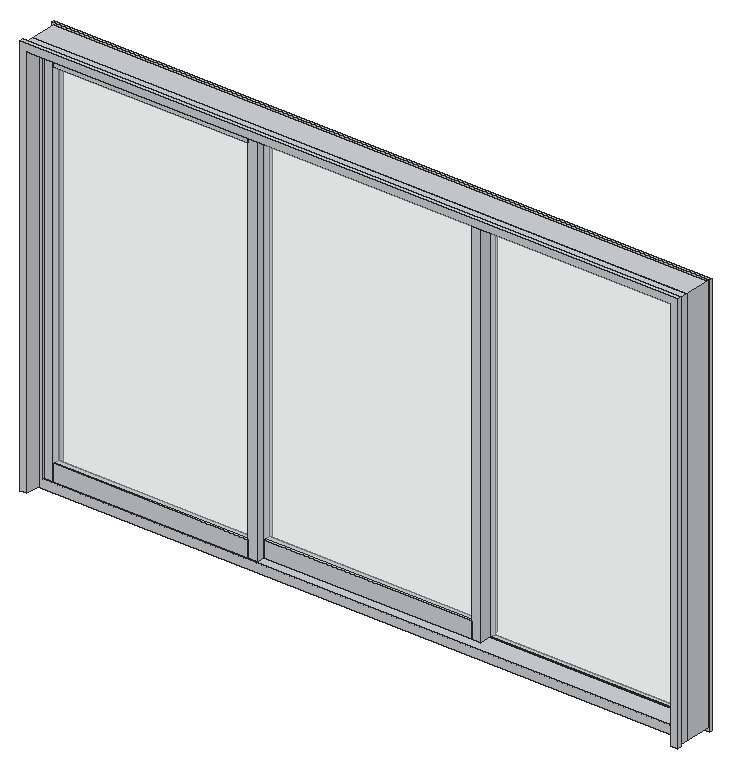
Revit family "APL Residential Thermal Heart Sliding Door SSF", category Doors, host Wall, Revit 2017 (continued)
Definition of nested family "APL Residential Thermal Heart Sliding Door SSF Horizontal Section"
  Definition of nested family "Jamb Multislider Stile"
    Definition of nested family "65410_Frame"
      Lines and regions (mm)
        model lines, in view "Ref. Level"
          curve 315: line (25.479, -7.979, 0) -> (26.284, -8.471, 0)
          curve 316: line (26.284, -8.471, 0) -> (27.5, -8.5, 0)
          curve 317: line (27.5, -8.5, 0) -> (27.5, -15.3, 0)
          curve 318: arc (27.5, -15.3, 0) -> (27.447, -15.435, 0) -> (27.317, -15.499, 0) r 0.2
          curve 319: arc (12.7, -21.8, 0) -> (12.817, -22.083, 0) -> (13.1, -22.2, 0) r 0.4
          curve 320: arc (13.393, -22.2, 0) -> (13.496, -22.186, 0) -> (13.593, -22.146, 0) r 0.4
          curve 321: arc (15.121, -21.262, 0) -> (15.411, -21.141, 0) -> (15.722, -21.1, 0) r 1.2
          curve 322: arc (16.645, -21.1, 0) -> (17.218, -20.919, 0) -> (17.584, -20.442, 0) r 1
          curve 323: arc (18.377, -18.263, 0) -> (18.524, -18.072, 0) -> (18.753, -18, 0) r 0.4
          curve 324: arc (21.447, -18, 0) -> (21.676, -18.072, 0) -> (21.823, -18.263, 0) r 0.4
          curve 325: arc (22.616, -20.442, 0) -> (22.982, -20.919, 0) -> (23.555, -21.1, 0) r 1
          curve 326: arc (24.478, -21.1, 0) -> (24.789, -21.141, 0) -> (25.079, -21.262, 0) r 1.2
          curve 327: arc (26.607, -22.146, 0) -> (26.704, -22.186, 0) -> (26.807, -22.2, 0) r 0.4
          curve 328: arc (27.1, -22.2, 0) -> (27.383, -22.083, 0) -> (27.5, -21.8, 0) r 0.4
          curve 329: arc (27.5, -18.4, 0) -> (27.383, -18.117, 0) -> (27.1, -18, 0) r 0.4
          curve 330: arc (26.807, -18, 0) -> (26.704, -18.014, 0) -> (26.607, -18.054, 0) r 0.4
          curve 331: arc (25.079, -18.939, 0) -> (24.785, -19.06, 0) -> (24.47, -19.1, 0) r 1.2
          curve 332: arc (24.47, -19.1, 0) -> (24.295, -19.047, 0) -> (24.184, -18.903, 0) r 0.3
          curve 333: arc (23.296, -16.463, 0) -> (23.149, -16.272, 0) -> (22.92, -16.2, 0) r 0.4
          curve 334: arc (17.28, -16.2, 0) -> (17.051, -16.272, 0) -> (16.904, -16.463, 0) r 0.4
          curve 335: arc (16.016, -18.903, 0) -> (15.905, -19.047, 0) -> (15.73, -19.1, 0) r 0.3
          curve 336: arc (15.73, -19.1, 0) -> (15.415, -19.06, 0) -> (15.121, -18.939, 0) r 1.2
          curve 337: arc (13.593, -18.054, 0) -> (13.496, -18.014, 0) -> (13.393, -18, 0) r 0.4
          curve 338: arc (13.1, -18, 0) -> (12.817, -18.117, 0) -> (12.7, -18.4, 0) r 0.4
          curve 339: line (13.1, -22.2, 0) -> (13.393, -22.2, 0)
          curve 340: line (13.593, -22.146, 0) -> (15.121, -21.262, 0)
          curve 341: line (15.722, -21.1, 0) -> (16.645, -21.1, 0)
          curve 342: line (17.584, -20.442, 0) -> (18.377, -18.263, 0)
          curve 343: line (18.753, -18, 0) -> (21.447, -18, 0)
          curve 344: line (21.823, -18.263, 0) -> (22.616, -20.442, 0)
          curve 345: line (23.555, -21.1, 0) -> (24.478, -21.1, 0)
          curve 346: line (25.079, -21.262, 0) -> (26.607, -22.146, 0)
          curve 347: line (26.807, -22.2, 0) -> (27.1, -22.2, 0)
          curve 348: line (27.5, -21.8, 0) -> (27.5, -18.4, 0)
          curve 349: line (27.1, -18, 0) -> (26.807, -18, 0)
          curve 350: line (26.607, -18.054, 0) -> (25.079, -18.939, 0)
          curve 351: line (24.184, -18.903, 0) -> (23.296, -16.463, 0)
          curve 352: line (22.92, -16.2, 0) -> (17.28, -16.2, 0)
          curve 353: line (16.904, -16.463, 0) -> (16.016, -18.903, 0)
          curve 354: line (15.121, -18.939, 0) -> (13.593, -18.054, 0)
          curve 355: line (13.393, -18, 0) -> (13.1, -18, 0)
          curve 356: line (12.7, -18.4, 0) -> (12.7, -21.8, 0)
          curve 357: arc (12.7, -5.6, 0) -> (12.817, -5.883, 0) -> (13.1, -6, 0) r 0.4
          curve 358: arc (13.393, -6, 0) -> (13.496, -5.986, 0) -> (13.593, -5.946, 0) r 0.4
          curve 359: arc (15.121, -5.062, 0) -> (15.411, -4.941, 0) -> (15.722, -4.9, 0) r 1.2
          curve 360: arc (16.645, -4.9, 0) -> (17.218, -4.719, 0) -> (17.584, -4.242, 0) r 1
          curve 361: arc (18.377, -2.063, 0) -> (18.524, -1.872, 0) -> (18.753, -1.8, 0) r 0.4
          curve 362: arc (21.447, -1.8, 0) -> (21.676, -1.872, 0) -> (21.823, -2.063, 0) r 0.4
          curve 363: arc (22.616, -4.242, 0) -> (22.982, -4.719, 0) -> (23.555, -4.9, 0) r 1
          curve 364: arc (24.478, -4.9, 0) -> (24.789, -4.941, 0) -> (25.079, -5.062, 0) r 1.2
          curve 365: arc (26.607, -5.946, 0) -> (26.704, -5.986, 0) -> (26.807, -6, 0) r 0.4
          curve 366: arc (27.1, -6, 0) -> (27.383, -5.883, 0) -> (27.5, -5.6, 0) r 0.4
          curve 367: arc (27.5, -2.2, 0) -> (27.383, -1.917, 0) -> (27.1, -1.8, 0) r 0.4
          curve 368: arc (26.807, -1.8, 0) -> (26.704, -1.814, 0) -> (26.607, -1.854, 0) r 0.4
          curve 369: arc (25.079, -2.739, 0) -> (24.785, -2.86, 0) -> (24.47, -2.9, 0) r 1.2
          curve 370: arc (24.47, -2.9, 0) -> (24.295, -2.847, 0) -> (24.184, -2.703, 0) r 0.3
          curve 371: arc (23.296, -0.263, 0) -> (23.149, -0.072, 0) -> (22.92, 0, 0) r 0.4
          curve 372: arc (17.28, 0, 0) -> (17.051, -0.072, 0) -> (16.904, -0.263, 0) r 0.4
          curve 373: arc (16.016, -2.703, 0) -> (15.905, -2.847, 0) -> (15.73, -2.9, 0) r 0.3
          curve 374: arc (15.73, -2.9, 0) -> (15.415, -2.86, 0) -> (15.121, -2.739, 0) r 1.2
          curve 375: arc (13.593, -1.854, 0) -> (13.496, -1.814, 0) -> (13.393, -1.8, 0) r 0.4
          curve 376: arc (13.1, -1.8, 0) -> (12.817, -1.917, 0) -> (12.7, -2.2, 0) r 0.4
          curve 377: line (13.1, -6, 0) -> (13.393, -6, 0)
          curve 378: line (13.593, -5.946, 0) -> (15.121, -5.062, 0)
          curve 379: line (15.722, -4.9, 0) -> (16.645, -4.9, 0)
          curve 380: line (17.584, -4.242, 0) -> (18.377, -2.063, 0)
          curve 381: line (18.753, -1.8, 0) -> (21.447, -1.8, 0)
          curve 382: line (21.823, -2.063, 0) -> (22.616, -4.242, 0)
          curve 383: line (23.555, -4.9, 0) -> (24.478, -4.9, 0)
          curve 384: line (25.079, -5.062, 0) -> (26.607, -5.946, 0)
          curve 385: line (26.807, -6, 0) -> (27.1, -6, 0)
          curve 386: line (27.5, -5.6, 0) -> (27.5, -2.2, 0)
          curve 387: line (27.1, -1.8, 0) -> (26.807, -1.8, 0)
          curve 388: line (26.607, -1.854, 0) -> (25.079, -2.739, 0)
          curve 389: line (24.184, -2.703, 0) -> (23.296, -0.263, 0)
          curve 390: line (22.92, 0, 0) -> (17.28, 0, 0)
          curve 391: line (16.904, -0.263, 0) -> (16.016, -2.703, 0)
          curve 392: line (15.121, -2.739, 0) -> (13.593, -1.854, 0)
          curve 393: line (13.393, -1.8, 0) -> (13.1, -1.8, 0)
          curve 394: line (12.7, -2.2, 0) -> (12.7, -5.6, 0)
          curve 395: arc (70.2, -13.6, 0) -> (70.317, -13.883, 0) -> (70.6, -14, 0) r 0.4
          curve 396: arc (70.893, -14, 0) -> (70.996, -13.986, 0) -> (71.093, -13.946, 0) r 0.4
          curve 397: arc (72.621, -13.061, 0) -> (72.911, -12.941, 0) -> (73.222, -12.9, 0) r 1.2
          curve 398: arc (74.145, -12.9, 0) -> (74.718, -12.719, 0) -> (75.084, -12.242, 0) r 1
          curve 399: arc (75.877, -10.063, 0) -> (76.024, -9.872, 0) -> (76.253, -9.8, 0) r 0.4
          curve 400: arc (78.947, -9.8, 0) -> (79.176, -9.872, 0) -> (79.323, -10.063, 0) r 0.4
          curve 401: arc (80.116, -12.242, 0) -> (80.482, -12.719, 0) -> (81.055, -12.9, 0) r 1
          curve 402: arc (81.978, -12.9, 0) -> (82.289, -12.941, 0) -> (82.579, -13.061, 0) r 1.2
          curve 403: arc (84.107, -13.946, 0) -> (84.204, -13.986, 0) -> (84.307, -14, 0) r 0.4
          curve 404: arc (84.6, -14, 0) -> (84.883, -13.883, 0) -> (85, -13.6, 0) r 0.4
          curve 405: arc (85, -10.2, 0) -> (84.883, -9.917, 0) -> (84.6, -9.8, 0) r 0.4
          curve 406: arc (84.307, -9.8, 0) -> (84.204, -9.814, 0) -> (84.107, -9.854, 0) r 0.4
          curve 407: arc (82.579, -10.739, 0) -> (82.285, -10.86, 0) -> (81.97, -10.9, 0) r 1.2
          curve 408: arc (81.97, -10.9, 0) -> (81.795, -10.847, 0) -> (81.684, -10.703, 0) r 0.3
          curve 409: arc (80.796, -8.263, 0) -> (80.649, -8.072, 0) -> (80.42, -8, 0) r 0.4
          curve 410: arc (74.78, -8, 0) -> (74.551, -8.072, 0) -> (74.404, -8.263, 0) r 0.4
          curve 411: arc (73.516, -10.703, 0) -> (73.405, -10.847, 0) -> (73.23, -10.9, 0) r 0.3
          curve 412: arc (73.23, -10.9, 0) -> (72.915, -10.86, 0) -> (72.621, -10.739, 0) r 1.2
          curve 413: arc (71.093, -9.854, 0) -> (70.996, -9.814, 0) -> (70.893, -9.8, 0) r 0.4
          curve 414: arc (70.6, -9.8, 0) -> (70.317, -9.917, 0) -> (70.2, -10.2, 0) r 0.4
          curve 415: line (70.6, -14, 0) -> (70.893, -14, 0)
          curve 416: line (71.093, -13.946, 0) -> (72.621, -13.061, 0)
          curve 417: line (73.222, -12.9, 0) -> (74.145, -12.9, 0)
          curve 418: line (75.084, -12.242, 0) -> (75.877, -10.063, 0)
          curve 419: line (76.253, -9.8, 0) -> (78.947, -9.8, 0)
          curve 420: line (79.323, -10.063, 0) -> (80.116, -12.242, 0)
          curve 421: line (81.055, -12.9, 0) -> (81.978, -12.9, 0)
          curve 422: line (82.579, -13.061, 0) -> (84.107, -13.946, 0)
          curve 423: line (84.307, -14, 0) -> (84.6, -14, 0)
          curve 424: line (85, -13.6, 0) -> (85, -10.2, 0)
          curve 425: line (84.6, -9.8, 0) -> (84.307, -9.8, 0)
          curve 426: line (84.107, -9.854, 0) -> (82.579, -10.739, 0)
          curve 427: line (81.684, -10.703, 0) -> (80.796, -8.263, 0)
          curve 428: line (80.42, -8, 0) -> (74.78, -8, 0)
          curve 429: line (74.404, -8.263, 0) -> (73.516, -10.703, 0)
          curve 430: line (72.621, -10.739, 0) -> (71.093, -9.854, 0)
          curve 431: line (70.893, -9.8, 0) -> (70.6, -9.8, 0)
          curve 432: line (70.2, -10.2, 0) -> (70.2, -13.6, 0)
          curve 433: arc (70.2, -18.4, 0) -> (70.317, -18.117, 0) -> (70.6, -18, 0) r 0.4
          curve 434: arc (70.893, -18, 0) -> (70.996, -18.014, 0) -> (71.093, -18.054, 0) r 0.4
          curve 435: arc (72.621, -18.939, 0) -> (72.911, -19.059, 0) -> (73.222, -19.1, 0) r 1.2
          curve 436: arc (74.145, -19.1, 0) -> (74.718, -19.281, 0) -> (75.084, -19.758, 0) r 1
          curve 437: arc (75.877, -21.937, 0) -> (76.024, -22.128, 0) -> (76.253, -22.2, 0) r 0.4
          curve 438: arc (78.947, -22.2, 0) -> (79.176, -22.128, 0) -> (79.323, -21.937, 0) r 0.4
          curve 439: arc (80.116, -19.758, 0) -> (80.482, -19.281, 0) -> (81.055, -19.1, 0) r 1
          curve 440: arc (81.978, -19.1, 0) -> (82.289, -19.059, 0) -> (82.579, -18.939, 0) r 1.2
          curve 441: arc (84.107, -18.054, 0) -> (84.204, -18.014, 0) -> (84.307, -18, 0) r 0.4
          curve 442: arc (84.6, -18, 0) -> (84.883, -18.117, 0) -> (85, -18.4, 0) r 0.4
          curve 443: arc (85, -21.8, 0) -> (84.883, -22.083, 0) -> (84.6, -22.2, 0) r 0.4
          curve 444: arc (84.307, -22.2, 0) -> (84.204, -22.186, 0) -> (84.107, -22.146, 0) r 0.4
          curve 445: arc (82.579, -21.262, 0) -> (82.285, -21.14, 0) -> (81.97, -21.1, 0) r 1.2
          curve 446: arc (81.97, -21.1, 0) -> (81.795, -21.153, 0) -> (81.684, -21.297, 0) r 0.3
          curve 447: arc (80.796, -23.737, 0) -> (80.649, -23.928, 0) -> (80.42, -24, 0) r 0.4
          curve 448: arc (74.78, -24, 0) -> (74.551, -23.928, 0) -> (74.404, -23.737, 0) r 0.4
          curve 449: arc (73.516, -21.297, 0) -> (73.405, -21.153, 0) -> (73.23, -21.1, 0) r 0.3
          curve 450: arc (73.23, -21.1, 0) -> (72.915, -21.14, 0) -> (72.621, -21.262, 0) r 1.2
          curve 451: arc (71.093, -22.146, 0) -> (70.996, -22.186, 0) -> (70.893, -22.2, 0) r 0.4
          curve 452: arc (70.6, -22.2, 0) -> (70.317, -22.083, 0) -> (70.2, -21.8, 0) r 0.4
          curve 453: line (70.6, -18, 0) -> (70.893, -18, 0)
          curve 454: line (71.093, -18.054, 0) -> (72.621, -18.939, 0)
          curve 455: line (73.222, -19.1, 0) -> (74.145, -19.1, 0)
          curve 456: line (75.084, -19.758, 0) -> (75.877, -21.937, 0)
          curve 457: line (76.253, -22.2, 0) -> (78.947, -22.2, 0)
          curve 458: line (79.323, -21.937, 0) -> (80.116, -19.758, 0)
          curve 459: line (81.055, -19.1, 0) -> (81.978, -19.1, 0)
          curve 460: line (82.579, -18.939, 0) -> (84.107, -18.054, 0)
          curve 461: line (84.307, -18, 0) -> (84.6, -18, 0)
          curve 462: line (85, -18.4, 0) -> (85, -21.8, 0)
          curve 463: line (84.6, -22.2, 0) -> (84.307, -22.2, 0)
          curve 464: line (84.107, -22.146, 0) -> (82.579, -21.262, 0)
          curve 465: line (81.684, -21.297, 0) -> (80.796, -23.737, 0)
          curve 466: line (80.42, -24, 0) -> (74.78, -24, 0)
          curve 467: line (74.404, -23.737, 0) -> (73.516, -21.297, 0)
          curve 468: line (72.621, -21.262, 0) -> (71.093, -22.146, 0)
          curve 469: line (70.893, -22.2, 0) -> (70.6, -22.2, 0)
          curve 470: line (70.2, -21.8, 0) -> (70.2, -18.4, 0)
          curve 471: arc (101.9, -10, 0) -> (102.042, -10.059, 0) -> (102.1, -10.2, 0) r 0.2
          curve 472: arc (102.1, -11.1, 0) -> (102.159, -11.241, 0) -> (102.3, -11.3, 0) r 0.2
          curve 473: arc (109.1, -11.3, 0) -> (109.454, -11.154, 0) -> (109.6, -10.8, 0) r 0.5
          curve 474: arc (109.6, -9.5, 0) -> (109.541, -9.359, 0) -> (109.4, -9.3, 0) r 0.2
          curve 475: arc (107.3, -9.3, 0) -> (107.159, -9.241, 0) -> (107.1, -9.1, 0) r 0.2
          curve 476: arc (107.1, -8.2, 0) -> (107.159, -8.059, 0) -> (107.3, -8, 0) r 0.2
          curve 477: arc (112.1, -8, 0) -> (112.454, -7.854, 0) -> (112.6, -7.5, 0) r 0.5
          curve 478: arc (112.6, 9.1, 0) -> (112.541, 9.241, 0) -> (112.4, 9.3, 0) r 0.2
          curve 479: arc (111.7, 9.3, 0) -> (111.559, 9.241, 0) -> (111.5, 9.1, 0) r 0.2
          curve 480: arc (111.5, 8.8, 0) -> (111, 8.3, 0) -> (110.5, 8.8, 0) r 0.5
          curve 481: arc (110.5, 11.35, 0) -> (111, 11.85, 0) -> (111.5, 11.35, 0) r 0.5
          curve 482: arc (111.5, 10.5, 0) -> (111.559, 10.359, 0) -> (111.7, 10.3, 0) r 0.2
          curve 483: arc (112.7, 10.3, 0) -> (112.841, 10.359, 0) -> (112.9, 10.5, 0) r 0.2
          curve 484: arc (112.9, 17.8, 0) -> (112.841, 17.941, 0) -> (112.7, 18, 0) r 0.2
          curve 485: arc (111.701, 18, 0) -> (111.559, 17.942, 0) -> (111.5, 17.8, 0) r 0.2
          curve 486: arc (111.5, 16.95, 0) -> (111, 16.45, 0) -> (110.5, 16.95, 0) r 0.5
          curve 487: arc (110.5, 18.5, 0) -> (110.646, 18.854, 0) -> (111, 19, 0) r 0.5
          curve 488: arc (116, 19, 0) -> (116.354, 18.854, 0) -> (116.5, 18.5, 0) r 0.5
          curve 489: arc (116.5, 16.95, 0) -> (116, 16.45, 0) -> (115.5, 16.95, 0) r 0.5
          curve 490: arc (115.5, 17.8, 0) -> (115.441, 17.941, 0) -> (115.3, 18, 0) r 0.2
          curve 491: arc (114.3, 18, 0) -> (114.159, 17.941, 0) -> (114.1, 17.8, 0) r 0.2
          curve 492: arc (114.1, 10.5, 0) -> (114.159, 10.359, 0) -> (114.3, 10.3, 0) r 0.2
          curve 493: arc (115.3, 10.3, 0) -> (115.441, 10.359, 0) -> (115.5, 10.5, 0) r 0.2
          curve 494: arc (115.5, 11.35, 0) -> (116, 11.85, 0) -> (116.5, 11.35, 0) r 0.5
          curve 495: arc (116.5, 8.8, 0) -> (116, 8.3, 0) -> (115.5, 8.8, 0) r 0.5
          curve 496: arc (115.5, 9.1, 0) -> (115.441, 9.241, 0) -> (115.3, 9.3, 0) r 0.2
          curve 497: arc (114.6, 9.3, 0) -> (114.459, 9.241, 0) -> (114.4, 9.1, 0) r 0.2
          curve 498: arc (114.4, -7.5, 0) -> (114.546, -7.854, 0) -> (114.9, -8, 0) r 0.5
          curve 499: arc (117.117, -8, 0) -> (117.422, -8.199, 0) -> (117.695, -7.957, 0) r 0.3
          curve 500: arc (117.695, -7.957, 0) -> (117.761, -7.819, 0) -> (117.887, -7.732, 0) r 0.3
          curve 501: arc (119.297, -7.218, 0) -> (119.583, -7.262, 0) -> (119.699, -7.526, 0) r 0.3
          curve 502: arc (119.492, -9.892, 0) -> (119.465, -9.992, 0) -> (119.405, -10.078, 0) r 0.3
          curve 503: arc (119.041, -10.441, 0) -> (118.848, -10.493, 0) -> (118.707, -10.352, 0) r 0.2
          curve 504: arc (118.662, -10.184, 0) -> (118.61, -10.095, 0) -> (118.521, -10.043, 0) r 0.2
          curve 505: arc (116.3, -9.5, 0) -> (116.02, -9.693, 0) -> (116.1, -10.024, 0) r 0.3
          curve 506: arc (116.1, -10.024, 0) -> (116.174, -10.125, 0) -> (116.2, -10.247, 0) r 0.3
          curve 507: arc (116.006, -14.25, 0) -> (116.042, -14.422, 0) -> (116.2, -14.5, 0) r 0.2
          curve 508: arc (116.721, -14.5, 0) -> (116.802, -14.489, 0) -> (116.877, -14.456, 0) r 0.3
          curve 509: arc (118.131, -13.691, 0) -> (118.128, -13.521, 0) -> (118.234, -13.389, 0) r 0.25
          curve 510: arc (118.32, -13.337, 0) -> (118.572, -13.332, 0) -> (118.7, -13.55, 0) r 0.25
          curve 511: arc (118.7, -15.126, 0) -> (118.618, -15.523, 0) -> (118.385, -15.854, 0) r 1
          curve 512: arc (118.385, -15.854, 0) -> (118.322, -16, 0) -> (118.385, -16.146, 0) r 0.2
          curve 513: arc (118.385, -16.146, 0) -> (118.618, -16.477, 0) -> (118.7, -16.874, 0) r 1
          curve 514: arc (118.7, -18.45, 0) -> (118.572, -18.668, 0) -> (118.32, -18.663, 0) r 0.25
          curve 515: arc (118.234, -18.611, 0) -> (118.128, -18.479, 0) -> (118.131, -18.309, 0) r 0.25
          curve 516: arc (116.877, -17.544, 0) -> (116.802, -17.511, 0) -> (116.721, -17.5, 0) r 0.3
          curve 517: arc (116.2, -17.5, 0) -> (116.042, -17.578, 0) -> (116.006, -17.75, 0) r 0.2
          curve 518: arc (116.2, -21.753, 0) -> (116.174, -21.875, 0) -> (116.1, -21.976, 0) r 0.3
          curve 519: arc (116.1, -21.976, 0) -> (116.02, -22.307, 0) -> (116.3, -22.5, 0) r 0.3
          curve 520: arc (118.521, -21.957, 0) -> (118.61, -21.905, 0) -> (118.662, -21.816, 0) r 0.2
          curve 521: arc (118.707, -21.648, 0) -> (118.848, -21.507, 0) -> (119.041, -21.559, 0) r 0.2
          curve 522: arc (119.405, -21.922, 0) -> (119.465, -22.008, 0) -> (119.492, -22.108, 0) r 0.3
          curve 523: arc (119.699, -24.474, 0) -> (119.583, -24.738, 0) -> (119.297, -24.782, 0) r 0.3
          curve 524: arc (117.887, -24.268, 0) -> (117.761, -24.181, 0) -> (117.695, -24.043, 0) r 0.3
          curve 525: arc (117.695, -24.043, 0) -> (117.422, -23.801, 0) -> (117.117, -24, 0) r 0.3
          curve 526: arc (114.8, -24, 0) -> (114.446, -23.854, 0) -> (114.3, -23.5, 0) r 0.5
          curve 527: arc (114.3, -19, 0) -> (114.241, -18.859, 0) -> (114.1, -18.8, 0) r 0.2
          curve 528: arc (105.3, -18.8, 0) -> (104.946, -18.654, 0) -> (104.8, -18.3, 0) r 0.5
          curve 529: arc (104.8, -17.8, 0) -> (104.946, -17.446, 0) -> (105.3, -17.3, 0) r 0.5
          curve 530: arc (106.727, -17.3, 0) -> (107.066, -17.167, 0) -> (107.226, -16.84, 0) r 0.5
          curve 531: arc (107.226, -16.84, 0) -> (107.712, -16.197, 0) -> (108.5, -16.366, 0) r 0.75
          curve 532: arc (108.5, -16.366, 0) -> (109.8, -16.9, 0) -> (111.1, -16.366, 0) r 1.85
          curve 533: arc (111.1, -16.366, 0) -> (111.242, -16.256, 0) -> (111.407, -16.183, 0) r 0.75
          curve 534: arc (111.407, -16.183, 0) -> (111.591, -16.08, 0) -> (111.716, -15.91, 0) r 0.5
          curve 535: arc (111.716, -15.91, 0) -> (111.9, -15.05, 0) -> (111.716, -14.19, 0) r 2.1
          curve 536: arc (111.716, -14.19, 0) -> (111.591, -14.02, 0) -> (111.407, -13.917, 0) r 0.5
          curve 537: arc (111.407, -13.917, 0) -> (111.242, -13.844, 0) -> (111.1, -13.734, 0) r 0.75
          curve 538: arc (111.1, -13.734, 0) -> (109.8, -13.2, 0) -> (108.5, -13.734, 0) r 1.85
          curve 539: arc (108.5, -13.734, 0) -> (107.831, -13.936, 0) -> (107.286, -13.5, 0) r 0.75
          curve 540: arc (107.286, -13.5, 0) -> (107.101, -13.282, 0) -> (106.827, -13.2, 0) r 0.5
          curve 541: arc (102.3, -13.2, 0) -> (101.25, -12.919, 0) -> (100.481, -12.15, 0) r 2.1
          curve 542: arc (100.481, -12.15, 0) -> (100.298, -11.967, 0) -> (100.048, -11.9, 0) r 0.5
          curve 543: arc (91.556, -11.9, 0) -> (91.287, -11.978, 0) -> (91.103, -12.188, 0) r 0.5
          curve 544: arc (91.103, -12.188, 0) -> (90.328, -13.071, 0) -> (89.2, -13.4, 0) r 2.1
          curve 545: arc (87.9, -13.4, 0) -> (87.193, -13.693, 0) -> (86.9, -14.4, 0) r 1
          curve 546: arc (86.9, -23.5, 0) -> (86.754, -23.854, 0) -> (86.4, -24, 0) r 0.5
          curve 547: arc (84.083, -24, 0) -> (83.778, -23.801, 0) -> (83.505, -24.043, 0) r 0.3
          curve 548: arc (83.505, -24.043, 0) -> (83.439, -24.181, 0) -> (83.313, -24.268, 0) r 0.3
          curve 549: arc (81.903, -24.782, 0) -> (81.617, -24.738, 0) -> (81.501, -24.474, 0) r 0.3
          curve 550: arc (81.708, -22.108, 0) -> (81.735, -22.008, 0) -> (81.795, -21.922, 0) r 0.3
          curve 551: arc (82.159, -21.559, 0) -> (82.352, -21.507, 0) -> (82.493, -21.648, 0) r 0.2
          curve 552: arc (82.538, -21.816, 0) -> (82.59, -21.905, 0) -> (82.679, -21.957, 0) r 0.2
          curve 553: arc (84.9, -22.5, 0) -> (85.18, -22.307, 0) -> (85.1, -21.976, 0) r 0.3
          curve 554: arc (85.1, -21.976, 0) -> (85.026, -21.875, 0) -> (85, -21.753, 0) r 0.3
          curve 555: arc (85.194, -17.75, 0) -> (85.158, -17.578, 0) -> (85, -17.5, 0) r 0.2
          curve 556: arc (84.479, -17.5, 0) -> (84.398, -17.511, 0) -> (84.323, -17.544, 0) r 0.3
          curve 557: arc (83.069, -18.309, 0) -> (83.072, -18.479, 0) -> (82.966, -18.611, 0) r 0.25
          curve 558: arc (82.88, -18.663, 0) -> (82.628, -18.668, 0) -> (82.5, -18.45, 0) r 0.25
          curve 559: arc (82.5, -16.874, 0) -> (82.582, -16.477, 0) -> (82.815, -16.146, 0) r 1
          curve 560: arc (82.815, -16.146, 0) -> (82.878, -16, 0) -> (82.815, -15.854, 0) r 0.2
          curve 561: arc (82.815, -15.854, 0) -> (82.582, -15.523, 0) -> (82.5, -15.126, 0) r 1
          curve 562: arc (82.5, -13.55, 0) -> (82.628, -13.332, 0) -> (82.88, -13.337, 0) r 0.25
          curve 563: arc (82.966, -13.389, 0) -> (83.072, -13.521, 0) -> (83.069, -13.691, 0) r 0.25
          curve 564: arc (84.323, -14.456, 0) -> (84.398, -14.489, 0) -> (84.479, -14.5, 0) r 0.3
          curve 565: arc (85, -14.5, 0) -> (85.158, -14.422, 0) -> (85.194, -14.25, 0) r 0.2
          curve 566: arc (85, -10.247, 0) -> (85.026, -10.125, 0) -> (85.1, -10.024, 0) r 0.3
          curve 567: arc (85.1, -10.024, 0) -> (85.18, -9.693, 0) -> (84.9, -9.5, 0) r 0.3
          curve 568: arc (82.679, -10.043, 0) -> (82.59, -10.095, 0) -> (82.538, -10.184, 0) r 0.2
          curve 569: arc (82.493, -10.352, 0) -> (82.352, -10.493, 0) -> (82.159, -10.441, 0) r 0.2
          curve 570: arc (81.795, -10.078, 0) -> (81.735, -9.992, 0) -> (81.708, -9.892, 0) r 0.3
          curve 571: arc (81.501, -7.526, 0) -> (81.617, -7.262, 0) -> (81.903, -7.218, 0) r 0.3
          curve 572: arc (83.313, -7.732, 0) -> (83.439, -7.819, 0) -> (83.505, -7.957, 0) r 0.3
          curve 573: arc (83.505, -7.957, 0) -> (83.778, -8.199, 0) -> (84.083, -8, 0) r 0.3
          curve 574: arc (86.7, -8, 0) -> (86.841, -8.059, 0) -> (86.9, -8.2, 0) r 0.2
          curve 575: arc (86.9, -11.3, 0) -> (86.959, -11.441, 0) -> (87.1, -11.5, 0) r 0.2
          curve 576: arc (89.2, -11.5, 0) -> (89.341, -11.441, 0) -> (89.4, -11.3, 0) r 0.2
          curve 577: arc (89.4, -10.2, 0) -> (89.459, -10.059, 0) -> (89.6, -10, 0) r 0.2
          curve 578: line (89.6, -10, 0) -> (95.4, -10, 0)
          curve 579: line (95.4, -10, 0) -> (95.8, -10.4, 0)
          curve 580: line (95.8, -10.4, 0) -> (96.2, -10, 0)
          curve 581: line (96.2, -10, 0) -> (101.9, -10, 0)
          curve 582: line (102.1, -10.2, 0) -> (102.1, -11.1, 0)
          curve 583: line (102.3, -11.3, 0) -> (109.1, -11.3, 0)
          curve 584: line (109.6, -10.8, 0) -> (109.6, -9.5, 0)
          curve 585: line (109.4, -9.3, 0) -> (107.3, -9.3, 0)
          curve 586: line (107.1, -9.1, 0) -> (107.1, -8.2, 0)
          curve 587: line (107.3, -8, 0) -> (112.1, -8, 0)
          curve 588: line (112.6, -7.5, 0) -> (112.6, 9.1, 0)
          curve 589: line (112.4, 9.3, 0) -> (111.7, 9.3, 0)
          curve 590: line (111.5, 9.1, 0) -> (111.5, 8.8, 0)
          curve 591: line (110.5, 8.8, 0) -> (110.5, 11.35, 0)
          curve 592: line (111.5, 11.35, 0) -> (111.5, 10.5, 0)
          curve 593: line (111.7, 10.3, 0) -> (112.7, 10.3, 0)
          curve 594: line (112.9, 10.5, 0) -> (112.9, 17.8, 0)
          curve 595: line (112.7, 18, 0) -> (111.701, 18, 0)
          curve 596: line (111.5, 17.8, 0) -> (111.5, 16.95, 0)
          curve 597: line (110.5, 16.95, 0) -> (110.5, 18.5, 0)
          curve 598: line (111, 19, 0) -> (116, 19, 0)
          curve 599: line (116.5, 18.5, 0) -> (116.5, 16.95, 0)
          curve 600: line (115.5, 16.95, 0) -> (115.5, 17.8, 0)
          curve 601: line (115.3, 18, 0) -> (114.3, 18, 0)
          curve 602: line (114.1, 17.8, 0) -> (114.1, 10.5, 0)
          curve 603: line (114.3, 10.3, 0) -> (115.3, 10.3, 0)
          curve 604: line (115.5, 10.5, 0) -> (115.5, 11.35, 0)
          curve 605: line (116.5, 11.35, 0) -> (116.5, 8.8, 0)
          curve 606: line (115.5, 8.8, 0) -> (115.5, 9.1, 0)
          curve 607: line (115.3, 9.3, 0) -> (114.6, 9.3, 0)
          curve 608: line (114.4, 9.1, 0) -> (114.4, -7.5, 0)
          curve 609: line (114.9, -8, 0) -> (117.117, -8, 0)
          curve 610: line (117.887, -7.732, 0) -> (119.297, -7.218, 0)
          curve 611: line (119.699, -7.526, 0) -> (119.492, -9.892, 0)
          curve 612: line (119.405, -10.078, 0) -> (119.041, -10.441, 0)
          curve 613: line (118.707, -10.352, 0) -> (118.662, -10.184, 0)
          curve 614: line (118.662, -10.184, 0) -> (116.532, -9.51, 0)
          curve 615: line (116.532, -9.51, 0) -> (116.3, -9.5, 0)
          curve 616: line (116.2, -10.247, 0) -> (116.2, -13.475, 0)
          curve 617: line (116.2, -13.475, 0) -> (116.006, -14.25, 0)
          curve 618: line (116.2, -14.5, 0) -> (116.721, -14.5, 0)
          curve 619: line (116.721, -14.5, 0) -> (118.131, -13.691, 0)
          curve 620: line (118.7, -13.55, 0) -> (118.7, -15.126, 0)
          curve 621: line (118.7, -16.874, 0) -> (118.7, -18.45, 0)
          curve 622: line (118.131, -18.309, 0) -> (116.877, -17.544, 0)
          curve 623: line (116.877, -17.544, 0) -> (116.2, -17.5, 0)
          curve 624: line (116.006, -17.75, 0) -> (116.194, -18.475, 0)
          curve 625: line (116.194, -18.475, 0) -> (116.2, -21.753, 0)
          curve 626: line (116.454, -22.5, 0) -> (118.521, -21.957, 0)
          curve 627: line (118.521, -21.957, 0) -> (118.707, -21.648, 0)
          curve 628: line (119.041, -21.559, 0) -> (119.405, -21.922, 0)
          curve 629: line (119.492, -22.108, 0) -> (119.699, -24.474, 0)
          curve 630: line (119.297, -24.782, 0) -> (117.887, -24.268, 0)
          curve 631: line (117.117, -24, 0) -> (114.8, -24, 0)
          curve 632: line (114.3, -23.5, 0) -> (114.3, -19, 0)
          curve 633: line (114.1, -18.8, 0) -> (105.3, -18.8, 0)
          curve 634: line (104.8, -18.3, 0) -> (104.8, -17.8, 0)
          curve 635: line (105.3, -17.3, 0) -> (106.727, -17.3, 0)
          curve 636: line (106.827, -13.2, 0) -> (102.3, -13.2, 0)
          curve 637: line (100.048, -11.9, 0) -> (91.556, -11.9, 0)
          curve 638: line (89.2, -13.4, 0) -> (87.9, -13.4, 0)
          curve 639: line (86.9, -14.4, 0) -> (86.9, -23.5, 0)
          curve 640: line (86.4, -24, 0) -> (84.083, -24, 0)
          curve 641: line (83.313, -24.268, 0) -> (81.903, -24.782, 0)
          curve 642: line (81.501, -24.474, 0) -> (81.708, -22.108, 0)
          curve 643: line (81.795, -21.922, 0) -> (82.159, -21.559, 0)
          curve 644: line (82.493, -21.648, 0) -> (82.538, -21.816, 0)
          curve 645: line (82.538, -21.816, 0) -> (84.668, -22.49, 0)
          curve 646: line (84.668, -22.49, 0) -> (84.9, -22.5, 0)
          curve 647: line (85, -21.753, 0) -> (85, -18.525, 0)
          curve 648: line (85, -18.525, 0) -> (85.194, -17.75, 0)
          curve 649: line (85, -17.5, 0) -> (84.479, -17.5, 0)
          curve 650: line (84.479, -17.5, 0) -> (83.069, -18.309, 0)
          curve 651: line (82.5, -18.45, 0) -> (82.5, -16.874, 0)
          curve 652: line (82.5, -15.126, 0) -> (82.5, -13.55, 0)
          curve 653: line (83.069, -13.691, 0) -> (84.323, -14.456, 0)
          curve 654: line (84.323, -14.456, 0) -> (85, -14.5, 0)
          curve 655: line (85.194, -14.25, 0) -> (85.006, -13.525, 0)
          curve 656: line (85.006, -13.525, 0) -> (85, -10.247, 0)
          curve 657: line (84.746, -9.5, 0) -> (82.679, -10.043, 0)
          curve 658: line (82.679, -10.043, 0) -> (82.493, -10.352, 0)
          curve 659: line (82.159, -10.441, 0) -> (81.795, -10.078, 0)
          curve 660: line (81.708, -9.892, 0) -> (81.501, -7.526, 0)
          curve 661: line (81.903, -7.218, 0) -> (83.313, -7.732, 0)
          curve 662: line (84.083, -8, 0) -> (86.7, -8, 0)
          curve 663: line (86.9, -8.2, 0) -> (86.9, -11.3, 0)
          curve 664: line (87.1, -11.5, 0) -> (89.2, -11.5, 0)
          curve 665: line (89.4, -11.3, 0) -> (89.4, -10.2, 0)
          curve 666: arc (159.4, 11.877, 0) -> (159.327, 11.95, 0) -> (159.3, 12.05, 0) r 0.2
          curve 667: arc (159.3, 16.25, 0) -> (159.327, 16.35, 0) -> (159.4, 16.423, 0) r 0.2
          curve 668: arc (159.4, 16.423, 0) -> (159.473, 16.496, 0) -> (159.5, 16.596, 0) r 0.2
          curve 669: arc (159.5, 17.8, 0) -> (159.441, 17.941, 0) -> (159.3, 18, 0) r 0.2
          curve 670: arc (157.701, 18, 0) -> (157.559, 17.942, 0) -> (157.5, 17.8, 0) r 0.2
          curve 671: arc (157.5, 16.95, 0) -> (157, 16.451, 0) -> (156.5, 16.95, 0) r 0.5
          curve 672: arc (156.5, 18.5, 0) -> (156.646, 18.854, 0) -> (157, 19, 0) r 0.499
          curve 673: arc (160.5, 19, 0) -> (160.847, 18.847, 0) -> (161, 18.5, 0) r 0.523
          curve 674: arc (161, -2.5, 0) -> (160.856, -2.856, 0) -> (160.5, -3, 0) r 0.493
          curve 675: arc (157.7, -3, 0) -> (157.558, -3.058, 0) -> (157.5, -3.2, 0) r 0.199
          curve 676: arc (157.5, -10.801, 0) -> (156.852, -12.441, 0) -> (155.258, -13.195, 0) r 2.399
          curve 677: arc (155.258, -13.195, 0) -> (154.878, -13.412, 0) -> (154.814, -13.844, 0) r 0.5
          curve 678: arc (154.814, -13.844, 0) -> (155, -15.047, 0) -> (154.816, -16.25, 0) r 4
          curve 679: arc (154.816, -16.25, 0) -> (154.89, -16.696, 0) -> (155.293, -16.9, 0) r 0.5
          curve 680: arc (155.5, -16.9, 0) -> (156.914, -17.486, 0) -> (157.5, -18.9, 0) r 2.001
          curve 681: arc (166.75, -22.5, 0) -> (167.501, -23.253, 0) -> (166.745, -24, 0) r 0.75
          curve 682: arc (157.5, -24, 0) -> (156.439, -23.561, 0) -> (156, -22.5, 0) r 1.5
          curve 683: arc (156, -19, 0) -> (155.941, -18.859, 0) -> (155.8, -18.8, 0) r 0.2
          curve 684: arc (146.5, -18.8, 0) -> (146.146, -18.654, 0) -> (146, -18.3, 0) r 0.5
          curve 685: arc (146, -17.8, 0) -> (146.146, -17.446, 0) -> (146.5, -17.3, 0) r 0.5
          curve 686: arc (147.927, -17.3, 0) -> (148.266, -17.167, 0) -> (148.426, -16.84, 0) r 0.5
          curve 687: arc (148.426, -16.84, 0) -> (148.912, -16.197, 0) -> (149.7, -16.366, 0) r 0.75
          curve 688: arc (149.7, -16.366, 0) -> (151, -16.9, 0) -> (152.3, -16.366, 0) r 1.85
          curve 689: arc (152.3, -16.366, 0) -> (152.442, -16.256, 0) -> (152.607, -16.183, 0) r 0.75
          curve 690: arc (152.607, -16.183, 0) -> (152.791, -16.08, 0) -> (152.916, -15.91, 0) r 0.5
          curve 691: arc (152.916, -15.91, 0) -> (153.1, -15.05, 0) -> (152.916, -14.19, 0) r 2.1
          curve 692: arc (152.916, -14.19, 0) -> (152.791, -14.02, 0) -> (152.607, -13.917, 0) r 0.5
          curve 693: arc (152.607, -13.917, 0) -> (152.442, -13.844, 0) -> (152.3, -13.734, 0) r 0.75
          curve 694: arc (152.3, -13.734, 0) -> (151, -13.2, 0) -> (149.7, -13.734, 0) r 1.85
          curve 695: arc (149.7, -13.734, 0) -> (149.027, -13.936, 0) -> (148.482, -13.491, 0) r 0.75
          curve 696: arc (148.482, -13.491, 0) -> (148.32, -13.284, 0) -> (148.075, -13.188, 0) r 0.5
          curve 697: arc (148.075, -13.188, 0) -> (147.154, -12.86, 0) -> (146.481, -12.15, 0) r 2.1
          curve 698: arc (146.481, -12.15, 0) -> (146.298, -11.967, 0) -> (146.048, -11.9, 0) r 0.5
          curve 699: arc (137.556, -11.9, 0) -> (137.287, -11.978, 0) -> (137.103, -12.188, 0) r 0.5
          curve 700: arc (137.103, -12.188, 0) -> (136.328, -13.071, 0) -> (135.2, -13.4, 0) r 2.1
          curve 701: arc (133.9, -13.4, 0) -> (133.193, -13.693, 0) -> (132.9, -14.4, 0) r 1
          curve 702: arc (132.9, -23.5, 0) -> (132.754, -23.854, 0) -> (132.4, -24, 0) r 0.5
          curve 703: arc (130.083, -24, 0) -> (129.778, -23.801, 0) -> (129.505, -24.043, 0) r 0.3
          curve 704: arc (129.505, -24.043, 0) -> (129.439, -24.181, 0) -> (129.313, -24.268, 0) r 0.3
          curve 705: arc (127.903, -24.782, 0) -> (127.617, -24.738, 0) -> (127.501, -24.474, 0) r 0.3
          curve 706: arc (127.708, -22.108, 0) -> (127.735, -22.008, 0) -> (127.795, -21.922, 0) r 0.3
          curve 707: arc (128.159, -21.559, 0) -> (128.352, -21.507, 0) -> (128.493, -21.648, 0) r 0.2
          curve 708: arc (128.538, -21.816, 0) -> (128.59, -21.905, 0) -> (128.679, -21.957, 0) r 0.2
          curve 709: arc (130.9, -22.5, 0) -> (131.18, -22.307, 0) -> (131.1, -21.976, 0) r 0.3
          curve 710: arc (131.1, -21.976, 0) -> (131.026, -21.875, 0) -> (131, -21.753, 0) r 0.3
          curve 711: arc (131.194, -17.75, 0) -> (131.158, -17.578, 0) -> (131, -17.5, 0) r 0.2
          curve 712: arc (130.479, -17.5, 0) -> (130.398, -17.511, 0) -> (130.323, -17.544, 0) r 0.3
          curve 713: arc (129.069, -18.309, 0) -> (129.072, -18.479, 0) -> (128.966, -18.611, 0) r 0.25
          curve 714: arc (128.88, -18.663, 0) -> (128.628, -18.668, 0) -> (128.5, -18.45, 0) r 0.25
          curve 715: arc (128.5, -16.874, 0) -> (128.582, -16.477, 0) -> (128.815, -16.146, 0) r 1
          curve 716: arc (128.815, -16.146, 0) -> (128.878, -16, 0) -> (128.815, -15.854, 0) r 0.2
          curve 717: arc (128.815, -15.854, 0) -> (128.582, -15.523, 0) -> (128.5, -15.126, 0) r 1
          curve 718: arc (128.5, -13.55, 0) -> (128.628, -13.332, 0) -> (128.88, -13.337, 0) r 0.25
          curve 719: arc (128.966, -13.389, 0) -> (129.072, -13.521, 0) -> (129.069, -13.691, 0) r 0.25
          curve 720: arc (130.323, -14.456, 0) -> (130.398, -14.489, 0) -> (130.479, -14.5, 0) r 0.3
          curve 721: arc (131, -14.5, 0) -> (131.158, -14.422, 0) -> (131.194, -14.25, 0) r 0.2
          curve 722: arc (131, -10.247, 0) -> (131.026, -10.125, 0) -> (131.1, -10.024, 0) r 0.3
          curve 723: arc (131.1, -10.024, 0) -> (131.18, -9.693, 0) -> (130.9, -9.5, 0) r 0.3
          curve 724: arc (128.679, -10.043, 0) -> (128.59, -10.095, 0) -> (128.538, -10.184, 0) r 0.2
          curve 725: arc (128.493, -10.352, 0) -> (128.352, -10.493, 0) -> (128.159, -10.441, 0) r 0.2
          curve 726: arc (127.795, -10.078, 0) -> (127.735, -9.992, 0) -> (127.708, -9.892, 0) r 0.3
          curve 727: arc (127.501, -7.526, 0) -> (127.617, -7.262, 0) -> (127.903, -7.218, 0) r 0.3
          curve 728: arc (129.313, -7.732, 0) -> (129.439, -7.819, 0) -> (129.505, -7.957, 0) r 0.3
          curve 729: arc (129.505, -7.957, 0) -> (129.778, -8.199, 0) -> (130.083, -8, 0) r 0.3
          curve 730: arc (132.7, -8, 0) -> (132.841, -8.059, 0) -> (132.9, -8.2, 0) r 0.2
          curve 731: arc (132.9, -11.3, 0) -> (132.959, -11.441, 0) -> (133.1, -11.5, 0) r 0.2
          curve 732: arc (135.2, -11.5, 0) -> (135.341, -11.441, 0) -> (135.4, -11.3, 0) r 0.2
          curve 733: arc (135.4, -10.2, 0) -> (135.459, -10.059, 0) -> (135.6, -10, 0) r 0.2
          curve 734: arc (147.9, -10, 0) -> (148.042, -10.059, 0) -> (148.1, -10.2, 0) r 0.2
          curve 735: arc (148.1, -11.1, 0) -> (148.159, -11.241, 0) -> (148.3, -11.3, 0) r 0.2
          curve 736: arc (155.1, -11.3, 0) -> (155.454, -11.154, 0) -> (155.6, -10.8, 0) r 0.5
          curve 737: arc (155.6, -9.5, 0) -> (155.541, -9.359, 0) -> (155.4, -9.3, 0) r 0.2
          curve 738: arc (153.3, -9.3, 0) -> (153.159, -9.241, 0) -> (153.1, -9.1, 0) r 0.2
          curve 739: arc (153.1, -8.2, 0) -> (153.159, -8.059, 0) -> (153.3, -8, 0) r 0.2
          curve 740: arc (155.5, -8, 0) -> (155.854, -7.854, 0) -> (156, -7.5, 0) r 0.5
          curve 741: arc (156, -1.2, 0) -> (156.146, -0.846, 0) -> (156.5, -0.7, 0) r 0.5
          curve 742: arc (157.3, -0.7, 0) -> (157.441, -0.759, 0) -> (157.5, -0.9, 0) r 0.2
          curve 743: arc (159.3, -1.7, 0) -> (159.441, -1.641, 0) -> (159.5, -1.5, 0) r 0.2
          curve 744: arc (159.5, 3.4, 0) -> (159.1, 3.8, 0) -> (159.5, 4.2, 0) r 0.4
          curve 745: arc (159.5, 9.1, 0) -> (159.441, 9.241, 0) -> (159.3, 9.3, 0) r 0.2
          curve 746: arc (157.5, 8.7, 0) -> (157.383, 8.417, 0) -> (157.1, 8.3, 0) r 0.4
          curve 747: arc (157, 8.3, 0) -> (156.646, 8.447, 0) -> (156.5, 8.8, 0) r 0.5
          curve 748: arc (156.5, 11.35, 0) -> (157, 11.85, 0) -> (157.5, 11.35, 0) r 0.5
          curve 749: arc (157.5, 10.5, 0) -> (157.559, 10.359, 0) -> (157.7, 10.3, 0) r 0.2
          curve 750: arc (159.3, 10.3, 0) -> (159.441, 10.359, 0) -> (159.5, 10.5, 0) r 0.2
          curve 751: line (159.3, 12.05, 0) -> (159.3, 16.25, 0)
          curve 752: line (159.5, 16.596, 0) -> (159.5, 17.8, 0)
          curve 753: line (159.3, 18, 0) -> (157.701, 18, 0)
          curve 754: line (157.5, 17.8, 0) -> (157.5, 16.95, 0)
          curve 755: line (156.5, 16.95, 0) -> (156.5, 18.5, 0)
          curve 756: line (157, 19, 0) -> (160.5, 19, 0)
          curve 757: line (161, 18.5, 0) -> (161, -2.5, 0)
          curve 758: line (160.5, -3, 0) -> (157.7, -3, 0)
          curve 759: line (157.5, -3.2, 0) -> (157.5, -10.801, 0)
          curve 760: line (155.293, -16.9, 0) -> (155.5, -16.9, 0)
          curve 761: line (157.5, -18.9, 0) -> (157.5, -22.5, 0)
          curve 762: line (157.5, -22.5, 0) -> (166.75, -22.5, 0)
          curve 763: line (166.745, -24, 0) -> (165, -24, 0)
          curve 764: line (165, -24, 0) -> (164.6, -23.6, 0)
          curve 765: line (164.6, -23.6, 0) -> (158.3, -23.6, 0)
          curve 766: line (158.3, -23.6, 0) -> (157.9, -24, 0)
          curve 767: line (157.9, -24, 0) -> (157.5, -24, 0)
          curve 768: line (156, -22.5, 0) -> (156, -19, 0)
          curve 769: line (155.8, -18.8, 0) -> (146.5, -18.8, 0)
          curve 770: line (146, -18.3, 0) -> (146, -17.8, 0)
          curve 771: line (146.5, -17.3, 0) -> (147.927, -17.3, 0)
          curve 772: line (146.048, -11.9, 0) -> (137.556, -11.9, 0)
          curve 773: line (135.2, -13.4, 0) -> (133.9, -13.4, 0)
          curve 774: line (132.9, -14.4, 0) -> (132.9, -23.5, 0)
          curve 775: line (132.4, -24, 0) -> (130.083, -24, 0)
          curve 776: line (129.313, -24.268, 0) -> (127.903, -24.782, 0)
          curve 777: line (127.501, -24.474, 0) -> (127.708, -22.108, 0)
          curve 778: line (127.795, -21.922, 0) -> (128.159, -21.559, 0)
          curve 779: line (128.493, -21.648, 0) -> (128.538, -21.816, 0)
          curve 780: line (128.538, -21.816, 0) -> (130.668, -22.49, 0)
          curve 781: line (130.668, -22.49, 0) -> (130.9, -22.5, 0)
          curve 782: line (131, -21.753, 0) -> (131, -18.525, 0)
          curve 783: line (131, -18.525, 0) -> (131.194, -17.75, 0)
          curve 784: line (131, -17.5, 0) -> (130.479, -17.5, 0)
          curve 785: line (130.479, -17.5, 0) -> (129.069, -18.309, 0)
          curve 786: line (128.5, -18.45, 0) -> (128.5, -16.874, 0)
          curve 787: line (128.5, -15.126, 0) -> (128.5, -13.55, 0)
          curve 788: line (129.069, -13.691, 0) -> (130.323, -14.456, 0)
          curve 789: line (130.323, -14.456, 0) -> (131, -14.5, 0)
          curve 790: line (131.194, -14.25, 0) -> (131, -13.5, 0)
          curve 791: line (131.006, -13.525, 0) -> (131, -10.247, 0)
          curve 792: line (130.746, -9.5, 0) -> (128.679, -10.043, 0)
          curve 793: line (128.679, -10.043, 0) -> (128.493, -10.352, 0)
          curve 794: line (128.159, -10.441, 0) -> (127.795, -10.078, 0)
          curve 795: line (127.708, -9.892, 0) -> (127.501, -7.526, 0)
          curve 796: line (127.903, -7.218, 0) -> (129.313, -7.732, 0)
          curve 797: line (130.083, -8, 0) -> (132.7, -8, 0)
          curve 798: line (132.9, -8.2, 0) -> (132.9, -11.3, 0)
          curve 799: line (133.1, -11.5, 0) -> (135.2, -11.5, 0)
          curve 800: line (135.4, -11.3, 0) -> (135.4, -10.2, 0)
          curve 801: line (135.6, -10, 0) -> (141.4, -10, 0)
          curve 802: line (141.4, -10, 0) -> (141.8, -10.4, 0)
          curve 803: line (141.8, -10.4, 0) -> (142.2, -10, 0)
          curve 804: line (142.2, -10, 0) -> (147.9, -10, 0)
          curve 805: line (148.1, -10.2, 0) -> (148.1, -11.1, 0)
          curve 806: line (148.3, -11.3, 0) -> (155.1, -11.3, 0)
          curve 807: line (155.6, -10.8, 0) -> (155.6, -9.5, 0)
          curve 808: line (155.4, -9.3, 0) -> (153.3, -9.3, 0)
          curve 809: line (153.1, -9.1, 0) -> (153.1, -8.2, 0)
          curve 810: line (153.3, -8, 0) -> (155.5, -8, 0)
          curve 811: line (156, -7.5, 0) -> (156, -1.2, 0)
          curve 812: line (156.5, -0.7, 0) -> (157.3, -0.7, 0)
          curve 813: line (157.5, -0.9, 0) -> (157.5, -1.7, 0)
          curve 814: line (157.5, -1.7, 0) -> (159.3, -1.7, 0)
          curve 815: line (159.5, -1.5, 0) -> (159.5, 3.4, 0)
          curve 816: line (159.5, 4.2, 0) -> (159.5, 9.1, 0)
          curve 817: line (159.3, 9.3, 0) -> (157.5, 9.3, 0)
          curve 818: line (157.5, 9.3, 0) -> (157.5, 8.7, 0)
          curve 819: line (156.5, 8.8, 0) -> (156.5, 11.35, 0)
          curve 820: line (157.5, 11.35, 0) -> (157.5, 10.5, 0)
          curve 821: line (157.7, 10.3, 0) -> (159.3, 10.3, 0)
          curve 822: line (159.5, 10.5, 0) -> (159.5, 11.704, 0)
          curve 823: arc (159.5, 11.704, 0) -> (159.473, 11.804, 0) -> (159.4, 11.877, 0) r 0.2
          curve 824: arc (116.2, -13.6, 0) -> (116.317, -13.883, 0) -> (116.6, -14, 0) r 0.4
          curve 825: arc (116.893, -14, 0) -> (116.996, -13.986, 0) -> (117.093, -13.946, 0) r 0.4
          curve 826: arc (118.621, -13.061, 0) -> (118.911, -12.941, 0) -> (119.222, -12.9, 0) r 1.2
          curve 827: arc (120.145, -12.9, 0) -> (120.718, -12.719, 0) -> (121.084, -12.242, 0) r 1
          curve 828: arc (121.877, -10.063, 0) -> (122.024, -9.872, 0) -> (122.253, -9.8, 0) r 0.4
          curve 829: arc (124.947, -9.8, 0) -> (125.176, -9.872, 0) -> (125.323, -10.063, 0) r 0.4
          curve 830: arc (126.116, -12.242, 0) -> (126.482, -12.719, 0) -> (127.055, -12.9, 0) r 1
          curve 831: arc (127.978, -12.9, 0) -> (128.289, -12.941, 0) -> (128.579, -13.061, 0) r 1.2
          curve 832: arc (130.107, -13.946, 0) -> (130.204, -13.986, 0) -> (130.307, -14, 0) r 0.4
          curve 833: arc (130.6, -14, 0) -> (130.883, -13.883, 0) -> (131, -13.6, 0) r 0.4
          curve 834: arc (131, -10.2, 0) -> (130.883, -9.917, 0) -> (130.6, -9.8, 0) r 0.4
          curve 835: arc (130.307, -9.8, 0) -> (130.204, -9.814, 0) -> (130.107, -9.854, 0) r 0.4
          curve 836: arc (128.579, -10.739, 0) -> (128.285, -10.86, 0) -> (127.97, -10.9, 0) r 1.2
          curve 837: arc (127.97, -10.9, 0) -> (127.795, -10.847, 0) -> (127.684, -10.703, 0) r 0.3
          curve 838: arc (126.796, -8.263, 0) -> (126.649, -8.072, 0) -> (126.42, -8, 0) r 0.4
          curve 839: arc (120.78, -8, 0) -> (120.551, -8.072, 0) -> (120.404, -8.263, 0) r 0.4
          curve 840: arc (119.516, -10.703, 0) -> (119.405, -10.847, 0) -> (119.23, -10.9, 0) r 0.3
          curve 841: arc (119.23, -10.9, 0) -> (118.915, -10.86, 0) -> (118.621, -10.739, 0) r 1.2
          curve 842: arc (117.093, -9.854, 0) -> (116.996, -9.814, 0) -> (116.893, -9.8, 0) r 0.4
          curve 843: arc (116.6, -9.8, 0) -> (116.317, -9.917, 0) -> (116.2, -10.2, 0) r 0.4
          curve 844: line (116.6, -14, 0) -> (116.893, -14, 0)
          curve 845: line (117.093, -13.946, 0) -> (118.621, -13.061, 0)
          curve 846: line (119.222, -12.9, 0) -> (120.145, -12.9, 0)
          curve 847: line (121.084, -12.242, 0) -> (121.877, -10.063, 0)
          curve 848: line (122.253, -9.8, 0) -> (124.947, -9.8, 0)
          curve 849: line (125.323, -10.063, 0) -> (126.116, -12.242, 0)
          curve 850: line (127.055, -12.9, 0) -> (127.978, -12.9, 0)
          curve 851: line (128.579, -13.061, 0) -> (130.107, -13.946, 0)
          curve 852: line (130.307, -14, 0) -> (130.6, -14, 0)
          curve 853: line (131, -13.6, 0) -> (131, -10.2, 0)
          curve 854: line (130.6, -9.8, 0) -> (130.307, -9.8, 0)
          curve 855: line (130.107, -9.854, 0) -> (128.579, -10.739, 0)
          curve 856: line (127.684, -10.703, 0) -> (126.796, -8.263, 0)
          curve 857: line (126.42, -8, 0) -> (120.78, -8, 0)
          curve 858: line (120.404, -8.263, 0) -> (119.516, -10.703, 0)
          curve 859: line (118.621, -10.739, 0) -> (117.093, -9.854, 0)
          curve 860: line (116.893, -9.8, 0) -> (116.6, -9.8, 0)
          curve 861: line (116.2, -10.2, 0) -> (116.2, -13.6, 0)
          curve 862: arc (116.2, -18.4, 0) -> (116.317, -18.117, 0) -> (116.6, -18, 0) r 0.4
          curve 863: arc (116.893, -18, 0) -> (116.996, -18.014, 0) -> (117.093, -18.054, 0) r 0.4
          curve 864: arc (118.621, -18.939, 0) -> (118.911, -19.059, 0) -> (119.222, -19.1, 0) r 1.2
          curve 865: arc (120.145, -19.1, 0) -> (120.718, -19.281, 0) -> (121.084, -19.758, 0) r 1
          curve 866: arc (121.877, -21.937, 0) -> (122.024, -22.128, 0) -> (122.253, -22.2, 0) r 0.4
          curve 867: arc (124.947, -22.2, 0) -> (125.176, -22.128, 0) -> (125.323, -21.937, 0) r 0.4
          curve 868: arc (126.116, -19.758, 0) -> (126.482, -19.281, 0) -> (127.055, -19.1, 0) r 1
          curve 869: arc (127.978, -19.1, 0) -> (128.289, -19.059, 0) -> (128.579, -18.939, 0) r 1.2
          curve 870: arc (130.107, -18.054, 0) -> (130.204, -18.014, 0) -> (130.307, -18, 0) r 0.4
          curve 871: arc (130.6, -18, 0) -> (130.883, -18.117, 0) -> (131, -18.4, 0) r 0.4
          curve 872: arc (131, -21.8, 0) -> (130.883, -22.083, 0) -> (130.6, -22.2, 0) r 0.4
          curve 873: arc (130.307, -22.2, 0) -> (130.204, -22.186, 0) -> (130.107, -22.146, 0) r 0.4
          curve 874: arc (128.579, -21.262, 0) -> (128.285, -21.14, 0) -> (127.97, -21.1, 0) r 1.2
          curve 875: arc (127.97, -21.1, 0) -> (127.795, -21.153, 0) -> (127.684, -21.297, 0) r 0.3
          curve 876: arc (126.796, -23.737, 0) -> (126.649, -23.928, 0) -> (126.42, -24, 0) r 0.4
          curve 877: arc (120.78, -24, 0) -> (120.551, -23.928, 0) -> (120.404, -23.737, 0) r 0.4
          curve 878: arc (119.516, -21.297, 0) -> (119.405, -21.153, 0) -> (119.23, -21.1, 0) r 0.3
          curve 879: arc (119.23, -21.1, 0) -> (118.915, -21.14, 0) -> (118.621, -21.262, 0) r 1.2
          curve 880: arc (117.093, -22.146, 0) -> (116.996, -22.186, 0) -> (116.893, -22.2, 0) r 0.4
          curve 881: arc (116.6, -22.2, 0) -> (116.317, -22.083, 0) -> (116.2, -21.8, 0) r 0.4
          curve 882: line (116.6, -18, 0) -> (116.893, -18, 0)
          curve 883: line (117.093, -18.054, 0) -> (118.621, -18.939, 0)
          curve 884: line (119.222, -19.1, 0) -> (120.145, -19.1, 0)
          curve 885: line (121.084, -19.758, 0) -> (121.877, -21.937, 0)
          curve 886: line (122.253, -22.2, 0) -> (124.947, -22.2, 0)
          curve 887: line (125.323, -21.937, 0) -> (126.116, -19.758, 0)
          curve 888: line (127.055, -19.1, 0) -> (127.978, -19.1, 0)
          curve 889: line (128.579, -18.939, 0) -> (130.107, -18.054, 0)
          curve 890: line (130.307, -18, 0) -> (130.6, -18, 0)
          curve 891: line (131, -18.4, 0) -> (131, -21.8, 0)
          curve 892: line (130.6, -22.2, 0) -> (130.307, -22.2, 0)
          curve 893: line (130.107, -22.146, 0) -> (128.579, -21.262, 0)
          curve 894: line (127.684, -21.297, 0) -> (126.796, -23.737, 0)
          curve 895: line (126.42, -24, 0) -> (120.78, -24, 0)
          curve 896: line (120.404, -23.737, 0) -> (119.516, -21.297, 0)
          curve 897: line (118.621, -21.262, 0) -> (117.093, -22.146, 0)
          curve 898: line (116.893, -22.2, 0) -> (116.6, -22.2, 0)
          curve 899: line (116.2, -21.8, 0) -> (116.2, -18.4, 0)
      Text (mm)
        text "65410" at (71.918, 37.65, 0), in view "Ref. Level"
    Definition of nested family "65585_Infill"
      Reference planes
        plane 1 "Center (Front/Back)": y = 0
        plane 2: z = 0
        plane 3 "Center (Left/Right)": x = 0
      Lines and regions (mm)
        model lines, in view "Ref. Level"
          curve 1: arc (0.752, -3.072, 0) -> (0.936, -2.765, 0) -> (1, -2.413, 0) r 1
          curve 2: arc (1, -2, 0) -> (1.146, -1.646, 0) -> (1.5, -1.5, 0) r 0.5
          curve 3: arc (36.55, -1.5, 0) -> (36.904, -1.646, 0) -> (37.05, -2, 0) r 0.5
          curve 4: arc (37.05, -2.542, 0) -> (37.582, -3.901, 0) -> (38.896, -4.536, 0) r 2
          curve 5: arc (38.896, -4.536, 0) -> (39.7, -4.528, 0) -> (40.49, -4.38, 0) r 4.6
          curve 6: arc (40.49, -4.38, 0) -> (40.927, -4.463, 0) -> (41.125, -4.861, 0) r 0.5
          curve 7: arc (41.125, -5.356, 0) -> (41.077, -5.571, 0) -> (40.941, -5.744, 0) r 0.5
          curve 8: arc (40.941, -5.744, 0) -> (40.536, -5.965, 0) -> (40.078, -6.026, 0) r 1.261
          curve 9: arc (40.078, -6.026, 0) -> (38.967, -6.436, 0) -> (38.5, -7.524, 0) r 1.5
          curve 10: arc (38.5, -11, 0) -> (38.793, -11.707, 0) -> (39.5, -12, 0) r 1
          curve 11: arc (41.5, -12, 0) -> (42, -11.5, 0) -> (41.5, -11, 0) r 0.5
          curve 12: arc (39.5, -7.524, 0) -> (39.656, -7.161, 0) -> (40.026, -7.024, 0) r 0.5
          curve 13: arc (40.026, -7.024, 0) -> (41.175, -6.779, 0) -> (42.045, -5.99, 0) r 2.261
          curve 14: arc (42.045, -5.99, 0) -> (42.105, -5.861, 0) -> (42.125, -5.72, 0) r 0.5
          curve 15: arc (42.125, -3.292, 0) -> (41.854, -2.848, 0) -> (41.335, -2.884, 0) r 0.5
          curve 16: arc (41.335, -2.884, 0) -> (40.212, -3.419, 0) -> (38.973, -3.539, 0) r 3.6
          curve 17: arc (38.973, -3.539, 0) -> (38.316, -3.222, 0) -> (38.05, -2.542, 0) r 1
          curve 18: arc (38.05, -2.011, 0) -> (38.088, -1.819, 0) -> (38.196, -1.657, 0) r 0.5
          curve 19: arc (39.427, -0.427, 0) -> (39.481, -0.154, 0) -> (39.25, 0, 0) r 0.25
          curve 20: arc (0.5, 0, 0) -> (0.146, -0.146, 0) -> (0, -0.5, 0) r 0.5
          curve 21: line (1, -2.413, 0) -> (1, -2, 0)
          curve 22: line (1.5, -1.5, 0) -> (36.55, -1.5, 0)
          curve 23: line (37.05, -2, 0) -> (37.05, -2.542, 0)
          curve 24: line (41.125, -4.861, 0) -> (41.125, -5.356, 0)
          curve 25: line (38.5, -7.524, 0) -> (38.5, -11, 0)
          curve 26: line (39.5, -12, 0) -> (41.5, -12, 0)
          curve 27: line (41.5, -11, 0) -> (39.5, -11, 0)
          curve 28: line (39.5, -11, 0) -> (39.5, -7.524, 0)
          curve 29: line (42.125, -5.72, 0) -> (42.125, -3.292, 0)
          curve 30: line (38.05, -2.542, 0) -> (38.05, -2.011, 0)
          curve 31: line (38.196, -1.657, 0) -> (39.427, -0.427, 0)
          curve 32: line (39.25, 0, 0) -> (0.5, 0, 0)
          curve 33: line (0, -0.5, 0) -> (0, -2.413, 0)
          curve 34: arc (0, -2.413, 0) -> (-0.837, -6.153, 0) -> (1.856, -8.881, 0) r 4
          curve 35: arc (1.856, -8.881, 0) -> (2.479, -8.546, 0) -> (2.144, -7.923, 0) r 0.5
          curve 36: arc (2.144, -7.923, 0) -> (0.124, -5.878, 0) -> (0.752, -3.072, 0) r 3
      Text (mm)
        text "65585" at (9.33, 14.342, 0), in view "Ref. Level"
  Definition of nested family "Jamb Multislider Fixed"
    Reference planes
      plane 1 "Center (Front/Back)": y = 0
      plane 2: z = 0
      plane 3 "Center (Left/Right)": x = 0
    Lines and regions (mm)
      detail lines, in view "Ref. Level"
        curve 1: arc (34.145, 40.782, 0) -> (34.004, 40.472, 0) -> (34.304, 40.309, 0) r 0.25
        curve 2: arc (44.192, 40.336, 0) -> (44.491, 40.498, 0) -> (44.351, 40.808, 0) r 0.25
        curve 3: line (34.304, 40.309, 0) -> (38.171, 41.303, 0)
        curve 4: line (38.171, 41.303, 0) -> (38.75, 40.3, 0)
        curve 5: line (38.75, 40.3, 0) -> (39.75, 40.3, 0)
        curve 6: line (39.75, 40.3, 0) -> (40.342, 41.325, 0)
        curve 7: line (40.342, 41.325, 0) -> (44.192, 40.336, 0)
        curve 8: line (44.351, 40.808, 0) -> (40.25, 42.532, 0)
        curve 9: line (40.25, 42.532, 0) -> (40.25, 43.8, 0)
        curve 10: line (40.25, 43.8, 0) -> (41.5, 43.8, 0)
        curve 11: line (41.5, 43.8, 0) -> (41.5, 44.8, 0)
        curve 12: line (41.5, 44.8, 0) -> (37, 44.8, 0)
        curve 13: line (37, 44.8, 0) -> (37, 43.8, 0)
        curve 14: line (37, 43.8, 0) -> (38.25, 43.8, 0)
        curve 15: line (38.25, 43.8, 0) -> (38.25, 42.508, 0)
        curve 16: line (38.25, 42.508, 0) -> (34.145, 40.782, 0)
      detail lines, in view "Ref. Level", not visible
        curve 17: arc (33.161, -9.933, 0) -> (32.851, -9.793, 0) -> (32.689, -10.092, 0) r 0.25
        curve 18: arc (32.715, -19.98, 0) -> (32.877, -20.279, 0) -> (33.188, -20.139, 0) r 0.25
        curve 19: line (32.689, -10.092, 0) -> (33.683, -13.959, 0)
        curve 20: line (33.683, -13.959, 0) -> (32.679, -14.539, 0)
        curve 21: line (32.679, -14.539, 0) -> (32.679, -15.539, 0)
        curve 22: line (32.679, -15.539, 0) -> (33.705, -16.131, 0)
        curve 23: line (33.705, -16.131, 0) -> (32.715, -19.98, 0)
        curve 24: line (33.188, -20.139, 0) -> (34.912, -16.039, 0)
        curve 25: line (34.912, -16.039, 0) -> (36.179, -16.039, 0)
        curve 26: line (36.179, -16.039, 0) -> (36.179, -17.289, 0)
        curve 27: line (36.179, -17.289, 0) -> (37.179, -17.289, 0)
        curve 28: line (37.179, -17.289, 0) -> (37.179, -12.789, 0)
        curve 29: line (37.179, -12.789, 0) -> (36.179, -12.789, 0)
        curve 30: line (36.179, -12.789, 0) -> (36.179, -14.039, 0)
        curve 31: line (36.179, -14.039, 0) -> (34.887, -14.039, 0)
        curve 32: line (34.887, -14.039, 0) -> (33.161, -9.933, 0)
